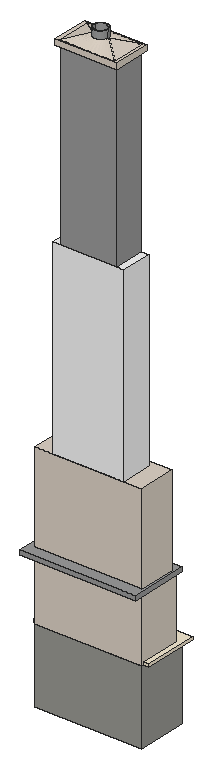
Revit family "RARC01-TUS-XX-XX-M3-A-EF_37_17_15-001-P01", category Generic Models, Revit 2022
Family settings
  Can host rebar = No
  Round Connector Dimension = Use Diameter
  Part Type = Normal
  Work Plane-Based = No
  Always vertical = Yes
  Cut with Voids When Loaded = No
  Maintain Annotation Orientation = No
  Shared = No
  Room Calculation Point = No
Parameters (values of type "Fireplace and Chimney 01")
  Width - Rising Wall [instance] = 5' - 9.46575"
  Top of Brickwork = 23' - 10"
  Length of Second Step = 4' - 4"
  Length of Floor = 15' - 8"
  Length of First Step = 7' - 11"
  Length of Fireplace = 4' - 0"
  Length of Chimney = 2' - 11"
  Height of Second Step = 9' - 3"
  Height of Chimney Top = 0' - 6"
  Height of Chimney = 30' - 0"
  Heigth of Floor = 0' - 2"
  Height of First Step = 3' - 4"
  Height of Fire Place = 2' - 6"
  Depth to Top of Foundation = 4' - 0"
  Depth of chimney = 5' - 0"
  Depth of Front floor = 3' - 0"
  Depth of Fireplace = 3' - 0"
  Depth of Back Floor = 2' - 0"
  Default Elevation = 0' - 0"
Reference planes (in)
  plane 1 "Center (Front/Back)": y = -11.98303
  plane 2: z = 0
  plane 3 "Center (Left/Right)": x = -9.84649
  plane 4 "Top of Chimeney": z = 360.04613
  plane 5 "Top Of First Step": z = 141
  plane 6 "Top of Fire Place": z = 103
  plane 7 "Left Side Second Step": x = -32.84649
  plane 8 "Left Side Chimney": x = -17.84649
  plane 9 "Right Side Chimney": x = -1.84649
  plane 10 "Right Side Second Step": x = 13.15351
  plane 11 "Left Side Fireplace": x = -24.34649
  plane 12 "Right Side Fireplace": x = 4.65351
  plane 13 "Left Side Floor": x = -94.34649
  plane 14 "Right Side Floor": x = 74.65351
  plane 15 "Depth of Front Floor": y = 24.01697
  plane 16 "Depth of Back Floor": y = -35.98303
  plane 17 "Depth of Fireplace": y = -47.98303
  plane 18: z = 42
  plane 19: x = -44.57937
  plane 20: x = 24.88638
  plane 21: z = -48
  plane 22: y = -60
  plane 23: z = 286
  plane 24: z = 346.01575
Forms (in)
  Extrusion 1, solid, material "Render, Beige, Smooth"
    sketch origin (1, -11.98303, -99) x (1, 0, 0) y (0, 0, 1)
      loop
        line (-45.57937, 99) -> (23.88638, 99) -> (23.88638, 141) -> (15.15351, 141) -> (12.15351, 141) -> (-33.84649, 141) -> (-36.84649, 141) -> (-45.57937, 141) -> (-45.57937, 99)
    from 20.31048 to 48.01697
  Extrusion 2, void
    sketch origin (-6, -11.98303, 0) x (1, 0, 0) y (0, 0, 1)
      loop
        line (-18.34649, 2.625) -> (11.15351, 2.625) -> (11.15351, 31.19294) -> (-18.34649, 31.19294) -> (-18.34649, 2.625)
    from 20.31048 to 36
  Extrusion 3, solid, material "Render, Beige, Smooth"
    sketch origin (0, 0, 0) x (1, 0, 0) y (0, 1, 0)
      loop
        line (-44.57937, -36) -> (-44.57937, -60) -> (24.88638, -60) -> (24.88638, -36) -> (-44.57937, -36)
    from 2 to 103
  Blend 4, solid, material "Render, Beige, Smooth"
    base sketch origin (-6.5, -1.18272, 50.47954) x (1, 0, 0) y (0, 1, 0)
      loop
        line (-21.34649, -37.30031) -> (-21.34649, -60.19228) -> (14.65351, -60.19228) -> (14.65351, -37.30031) -> (-21.34649, -37.30031)
    top sketch origin (-6.5, -1.18272, 0) x (1, 0, 0) y (0, 1, 0)
      loop
        circle (-3.73284, -48.17849) r 5
    from 295.53621 to 349.54613
  Extrusion 5, solid, material "Walnut"
    sketch origin (1, -32.29351, -97.0625) x (-1, 0, 0) y (0, 0, 1)
      loop
        line (48.84649, 139.12347) -> (48.84649, 142.00096) -> (-25.93742, 142.00096) -> (-25.93742, 139.12347) -> (48.84649, 139.12347)
    from 1.91548 to -35.48984
  Extrusion 6, solid, material "Brick, Common, Red"
    sketch origin (28.15351, -180, 112) x (0, -1, 0) y (1, 0, 0)
      loop
        line (-140.01697, -56.18998) -> (-120, -56.18998) -> (-120, -19.87524) -> (-140.01697, -19.87524) -> (-140.01697, -56.18998)
    from 114 to 230.31557
  Extrusion 7, solid, material "Render, Beige, Smooth"
    sketch origin (28.15351, -180.125, 342.31557) x (0, -1, 0) y (1, 0, 0)
      loop
        line (-142.39197, -58) -> (-117.79167, -58) -> (-117.79167, -17.94431) -> (-142.39197, -17.94431) -> (-142.39197, -58)
    from 0 to 3.70018
  Extrusion 8, solid, material "Porcelain, Linen"
    sketch origin (0.01957, -4.03739, 400.02567) x (1, 0, 0) y (0, 1, 0)
      loop
        circle (-10.34649, -45.35803) r 4
      loop
        circle (-10.34649, -45.35803) r 4.75
    from -368.95419 to -45.86645
  Extrusion 9, solid, material "Ceramic Tile"
    sketch origin (2, -32.29351, -138.875) x (-1, 0, 0) y (0, 0, 1)
      loop
        line (47.84649, 139) -> (47.84649, 141) -> (-26.53257, 141) -> (-26.53257, 139) -> (47.84649, 139)
    from 8.6287 to -26.96056
  Extrusion 10, solid, material "Plaster"
    sketch origin (28.15351, -180, 112) x (0, -1, 0) y (1, 0, 0)
      loop
        line (-140.01697, -61) -> (-120, -61) -> (-120, -15) -> (-140.01697, -15) -> (-140.01697, -61)
    from -9 to 114
  Extrusion 11, solid, material "Concrete Masonry Units"
    sketch origin (1, -11.98303, -141) x (1, 0, 0) y (0, 0, 1)
      loop
        line (-45.57937, 93) -> (23.88638, 93) -> (23.88638, 141) -> (15.15351, 141) -> (12.15351, 141) -> (-33.84649, 141) -> (-36.84649, 141) -> (-45.57937, 141) -> (-45.57937, 93)
    from 15.79117 to 48.01697
Cuts and joins
  Extrusion 2 cuts Extrusion 1
  joined: Extrusion 1, Extrusion 3, Blend 4
Dimensions and locks (in)
  "Top of Brickwork": plane 23 to level
  equal spacing: plane 9 "Right Side Chimney", plane 3 "Center (Left/Right)", plane 8 "Left Side Chimney"
  equal spacing: plane 10 "Right Side Second Step", plane 3 "Center (Left/Right)", plane 7 "Left Side Second Step"
  plane 9 "Right Side Chimney" to plane 8 "Left Side Chimney" = 1' - 4"  (x2)
  plane 10 "Right Side Second Step" to plane 7 "Left Side Second Step" = 3' - 10"
  equal spacing: plane 12 "Right Side Fireplace", plane 3 "Center (Left/Right)", plane 11 "Left Side Fireplace"
  plane 12 "Right Side Fireplace" to plane 11 "Left Side Fireplace" = 2' - 5"
  equal spacing: plane 14 "Right Side Floor", plane 3 "Center (Left/Right)", plane 13 "Left Side Floor"
  plane 14 "Right Side Floor" to plane 13 "Left Side Floor" = 14' - 1"
  "Depth of Front floor": plane 1 "Center (Front/Back)" to plane 15 "Depth of Front Floor"
  "Depth of Back Floor": plane 16 "Depth of Back Floor" to plane 1 "Center (Front/Back)"
  "Depth of Fireplace": plane 17 "Depth of Fireplace" to plane 1 "Center (Front/Back)"
  plane 15 "Depth of Front Floor" to Blend 4 = 7' - 1.39197"
  plane 6 "Top of Fire Place" to cut or joined group of Extrusion 1, Extrusion 2, Extrusion 3, Blend 4 = 8' - 5"
  cut or joined group of Extrusion 1, Extrusion 2, Extrusion 3, Blend 4 to cut or joined group of Extrusion 1, Extrusion 2, Extrusion 3, Blend 4 = 1' - 8.23287"
  plane 9 "Right Side Chimney" to plane 3 "Center (Left/Right)" to plane 8 "Left Side Chimney" = 0' - 8", 0' - 8"
  plane 19 to plane 3 "Center (Left/Right)" to plane 20 = 2' - 10.73287", 2' - 10.73287"
  plane 6 "Top of Fire Place" to level = 8' - 7"  (x2)
  Extrusion 7 to Extrusion 7 = 3' - 4.05569"
  "Depth to Top of Foundation": level to plane 21
  "Width - Rising Wall": plane 19 to plane 20
  plane 7 "Left Side Second Step" to plane 10 "Right Side Second Step" = 3' - 10"
  cut or joined group of Extrusion 1, Extrusion 2, Extrusion 3, Blend 4 to cut or joined group of Extrusion 1, Extrusion 2, Extrusion 3, Blend 4 = 5' - 9.46575"
  Extrusion 10 to level = 18' - 10"
  plane 20 to Extrusion 10 = 0' - 11.73287"
  plane 19 to Extrusion 10 = 0' - 11.73287"
  Extrusion 2 to level = 2' - 7.19294"
  aligned and locked: plane 6 "Top of Fire Place" to Extrusion 3
  aligned and locked: Extrusion 10 to cut or joined group of Extrusion 1, Extrusion 2, Extrusion 3, Blend 4
  aligned and locked: plane 10 "Right Side Second Step" to Extrusion 10
  aligned and locked: Extrusion 10 to plane 7 "Left Side Second Step"
Automatic sketch dimensions
  plane 19 to Extrusion 1 sketch curve = 0' - 0"
  Extrusion 1 sketch curve to plane 20 = 0' - 0"
  Extrusion 1 sketch curve to plane 18 = 0' - 0"  (x5)
  Extrusion 1 sketch curve to plane 7 "Left Side Second Step" = 0' - 0"  (x2)
  Extrusion 1 sketch curve to plane 10 "Right Side Second Step" = 0' - 0"  (x2)
  Extrusion 1 sketch curve to plane 19 = 0' - 8.73287"
  Extrusion 1 sketch curve to Extrusion 1 sketch curve = 0' - 0"  (x2)
  Extrusion 1 sketch curve to plane 20 = 0' - 8.73287"
  level to Extrusion 1 sketch curve = 0' - 0"
  Extrusion 2 sketch curve to plane 11 "Left Side Fireplace" = 0' - 0"
  plane 12 "Right Side Fireplace" to Extrusion 2 sketch curve = 0' - 0 1/2"
  level to Extrusion 2 sketch curve = 0' - 2 5/8"
  plane 18 to Extrusion 2 sketch curve = 0' - 10.80706"
  Extrusion 3 sketch curve to plane 19 = 0' - 0"
  Extrusion 3 sketch curve to plane 20 = 0' - 0"
  plane 22 to Extrusion 3 sketch curve = 0' - 0"
  plane 16 "Depth of Back Floor" to Extrusion 3 sketch curve = 0' - 0.01697"
  Extrusion 1 to Extrusion 5 sketch curve = 0' - 0.06097"
  Extrusion 1 to Extrusion 5 sketch curve = 0' - 2.05104"
  Extrusion 1 to Extrusion 5 sketch curve = 0' - 2.93846"
  Extrusion 1 to Extrusion 5 sketch curve = 0' - 3.26713"
  Extrusion 6 to Extrusion 7 sketch curve = 0' - 2 1/4"
  Extrusion 6 to Extrusion 7 sketch curve = 0' - 1.81002"
  Extrusion 6 to Extrusion 7 sketch curve = 0' - 2.33333"
  Extrusion 6 to Extrusion 7 sketch curve = 0' - 1.93092"
  Extrusion 8 sketch curve to Extrusion 8 sketch curve = 0' - 0"  (x4)
  Extrusion 9 sketch curve to Extrusion 1 = 0' - 2 1/8"
  Extrusion 1 to Extrusion 9 sketch curve = 0' - 3.64619"
  Extrusion 9 sketch curve to Extrusion 1 = 0' - 0 1/8"
  Extrusion 1 to Extrusion 9 sketch curve = 0' - 1.26713"
  plane 19 to Extrusion 11 sketch curve = 0' - 0"
  plane 20 to Extrusion 11 sketch curve = 0' - 0"
  Extrusion 11 sketch curve to level = 0' - 0"  (x5)
  Extrusion 11 sketch curve to plane 7 "Left Side Second Step" = 0' - 0"  (x2)
  Extrusion 11 sketch curve to plane 10 "Right Side Second Step" = 0' - 0"  (x2)
  Extrusion 11 sketch curve to plane 19 = 0' - 8.73287"
  Extrusion 11 sketch curve to Extrusion 11 sketch curve = 0' - 0"  (x2)
  Extrusion 11 sketch curve to plane 20 = 0' - 8.73287"
  plane 21 to Extrusion 11 sketch curve = 0' - 0"
  plane 22 to Extrusion 6 sketch curve = 0' - 0"
  plane 7 "Left Side Second Step" to Extrusion 6 sketch curve = 0' - 4.81002"
  plane 16 "Depth of Back Floor" to Extrusion 6 sketch curve = 0' - 4"
  Extrusion 6 sketch curve to plane 10 "Right Side Second Step" = 0' - 4.87524"
  plane 22 to Extrusion 10 sketch curve = 0' - 0"
  plane 7 "Left Side Second Step" to Extrusion 10 sketch curve = 0' - 0"
  plane 16 "Depth of Back Floor" to Extrusion 10 sketch curve = 0' - 4"
  plane 10 "Right Side Second Step" to Extrusion 10 sketch curve = 0' - 0"
  Blend 4 sketch curve to plane 11 "Left Side Fireplace" = 0' - 3 1/2"
  plane 16 "Depth of Back Floor" to Blend 4 sketch curve = 0' - 2 1/2"
  plane 12 "Right Side Fireplace" to Blend 4 sketch curve = 0' - 3 1/2"
  Blend 4 sketch curve to plane 17 "Depth of Fireplace" = 0' - 1.37819"
  Blend 4 sketch curve to plane 3 "Center (Left/Right)" = 0' - 0.38635"
  plane 22 to Blend 4 sketch curve = 0' - 1 3/8"
  radius of Extrusion 8 sketch curve = 0' - 4"
  radius of Extrusion 8 sketch curve = 0' - 4 3/4"
  radius of Blend 4 sketch curve = 0' - 5"
